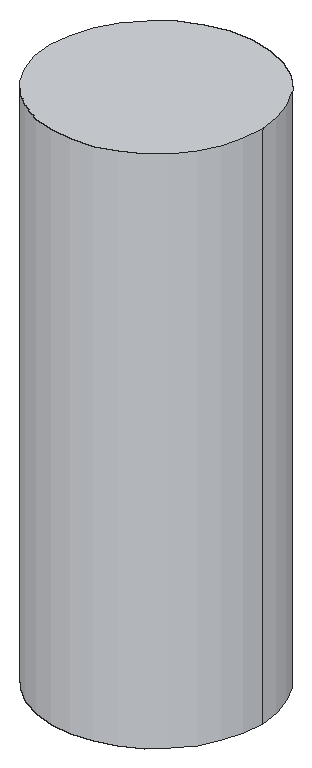
Revit family
Parameters (values of type "610mm 지름")
  레이블 = "WH"
  지름 = 610.00 mm
  높이 = 1525.00 mm
Reference planes
  plane 1: y = 0
  plane 2: z = 0
  plane 3: x = 0
Forms (mm)
  Extrusion 1, solid
    sketch origin (0, 0, 0) x (1, 0, 0) y (0, 1, 0)
      loop
        circle (0, 0) r 305
    from 0 to 1525
Lines and regions (mm)
  Masking region 1
    outline origin (0, 0, 0) x (1, 0, 0) y (0, 1, 0)
      loop
        circle (0, 0) r 305
Dimensions and locks
  "높이": Extrusion 1 to plane 2
  "지름": Extrusion 1 sketch curve to Extrusion 1 sketch curve
  aligned and locked: plane 3 to nested 1
  aligned and locked: plane 1 to nested 1
  aligned and locked: Masking region 1 sketch curve to Extrusion 1
Automatic sketch dimensions
  Extrusion 1 sketch curve to plane 1 = 0.00 mm
  Extrusion 1 sketch curve to plane 3 = 0.00 mm
Nested families
  nested 1: "M_레이블 주석" at (0, 0, 0), type "M_레이블 주석"
Definition of nested family "M_레이블 주석"
  Parameters (values of type "M_레이블 주석")
    레이블 = "WH"
  Reference planes
    plane 1: y = 0
    plane 2: x = 0
  Text (mm)
    label "레이블" at (0.027, -0.008, 0), shows "레이블"
